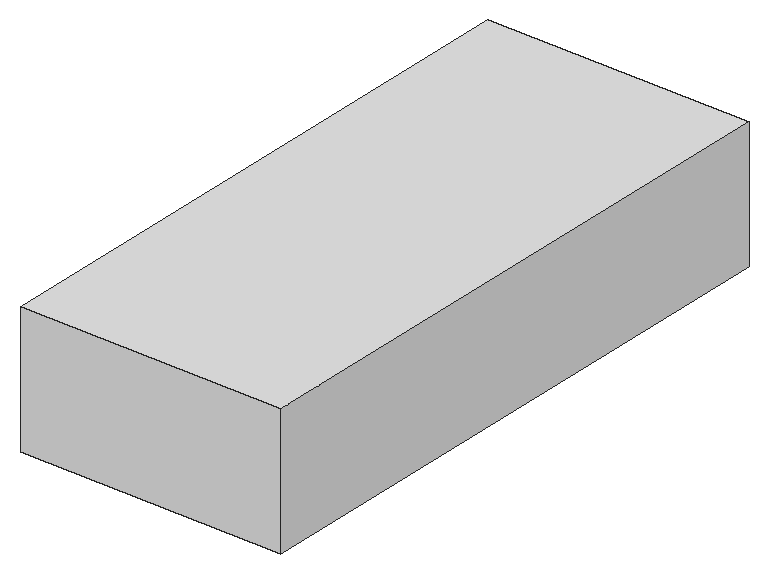
Revit family "LE Bath", category Furniture, Revit 2018
Family settings
  OmniClass Number = 23.40.20.00
  OmniClass Title = General Furniture and Specialties
  Work Plane-Based = No
  Always vertical = Yes
  Cut with Voids When Loaded = No
  Shared = No
  Room Calculation Point = No
Parameters (values of type "1800x800mm Bath")
  Width = 800 mm
  URL = "https://studiole.uk"
  Manufacturer = "LE"
  Length = 1800 mm
  Height = 400 mm
  Half Width = Width / 2  # 400 mm
  Frame Material = Generic, White
Types (2, lengths in mm): name | Width | Length | Half Width
  1700x700mm Bath | 700 | 1700 | 350
  1800x800mm Bath | 800 | 1800 | 400
Reference planes
  plane 1 "Center (Front/Back)": y = 0
  plane 2: z = 0
  plane 3 "Center (Left/Right)": x = 0
  plane 4 "Left": x = -400
  plane 5 "Right": x = 400
  plane 6 "Foot": y = -900
  plane 7 "Head": y = 900
  plane 8 "Height": z = 400
  plane 9 "Chair 4": x = -350
  plane 10 "Chair 5": x = 350
  plane 11 "Chair 6": y = 850
  plane 12 "Chair 7": y = -850
  plane 13 "Chair 8": y = 500
  plane 14 "Chair 9": y = -500
Forms (mm)
  Extrusion 1, solid, material "Generic, White" <- "Frame Material"
    sketch origin (0, 0, 0) x (1, 0, 0) y (0, 1, 0)
      loop
        line (-400, 900) -> (-400, -900) -> (400, -900) -> (400, 900) -> (-400, 900)
    from 0 to 400 <- "Height"
Lines and regions (mm)
  model lines
    curve 1: arc (-350, 500, 400) -> (0, 850, 400) -> (350, 500, 400) r 350
    curve 2: arc (-350, -500, 400) -> (0, -850, 400) -> (350, -500, 400) r 350
    curve 3: line (350, 500, 400) -> (350, -500, 400)
    curve 4: line (-350, 500, 400) -> (-350, -500, 400)
Dimensions and locks
  "Length": plane 7 "Head" to plane 6 "Foot"
  equal spacing: plane 7 "Head", plane 1 "Center (Front/Back)", plane 6 "Foot"
  "Width": plane 4 "Left" to plane 5 "Right"
  equal spacing: plane 4 "Left", plane 3 "Center (Left/Right)", plane 5 "Right"
  "Height": plane 8 "Height" to plane 2
  plane 12 "Chair 7" to plane 6 "Foot" = 50 mm
  plane 7 "Head" to plane 11 "Chair 6" = 50 mm
  plane 4 "Left" to plane 9 "Chair 4" = 50 mm
  plane 10 "Chair 5" to plane 5 "Right" = 50 mm
  "Half Width": plane 14 "Chair 9" to plane 6 "Foot"
  "Half Width": plane 7 "Head" to plane 13 "Chair 8"
  aligned and locked: level to plane 2
Automatic sketch dimensions
  Extrusion 1 sketch curve to plane 4 "Left" = 0 mm
  Extrusion 1 sketch curve to plane 5 "Right" = 0 mm
  Extrusion 1 sketch curve to plane 6 "Foot" = 0 mm
  Extrusion 1 sketch curve to plane 7 "Head" = 0 mm
  curve 2 to plane 10 "Chair 5" = 0 mm
  curve 2 to plane 14 "Chair 9" = 0 mm
  curve 3 to plane 13 "Chair 8" = 0 mm
  curve 2 to plane 3 "Center (Left/Right)" = 0 mm
